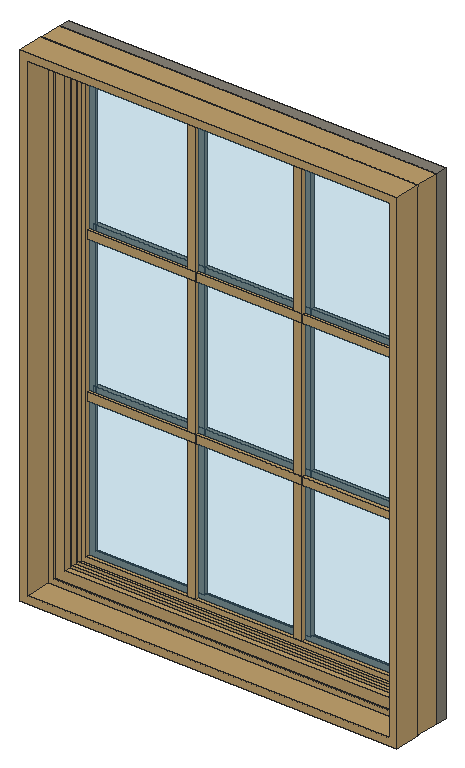
Revit family
Parameters (values of type "CCNTPRYCA3648")
  Window Type = "Clad Contemporary Casement"
  Vent Area = VO Width * VO Height  # 8.42878 SF
  VO Width = if(Width < 1' 8", Width - 0' 9 19/32", Width - 0' 7 7/64")  # 2' - 4 57/64"
  VO Height = Height - 0' 5 29/256"  # 3' - 6 3/256"
  URL = "www.marvin.com"
  Prairie Corner Width = 0' - 4"
  Prairie Corner Height = 0' - 4"
  Plan Swing Angle [instance] = 15.00°
  Offset = if(Bottom Rail Standard, 0' 2 29/32", 0' 4 13/32")  # 0' - 2 29/32"
  Nominal Width = 3' - 0"
  Nominal Height = 4' - 0"
  Muntins Interior Material = Wood-Marvin-Pine
  Muntins Exterior Material = Aluminum-Marvin-Bronze
  Model = "CCNTPRYCA3648"
  Manufacturer = "Marvin Windows and Doors"
  Lites Wide = 3
  Lites Wide Constraint = if(Nominal Width > 1' 4", Lites Wide, if(Lites Wide < 2, 1, 2))  # 3
  Lites High = 3
  Lites High Constraint = if(Nominal Height > 1' 4", Lites High, if(Lites High < 2, 1, 2))  # 3
  Lite Cut Prairie 9 = no
  Lite Cut Prairie 9 Constraint = if(and(Nominal Width > 1' 4", Nominal Height > 1' 4"), Lite Cut Prairie 9, 1 = 0)  # no
  Lite Cut HV Grid = not(Lite Cut Prairie 9 Constraint)  # yes
  Label Visibility = no
  Label Egress = if(and(and(VO Width > 1' 8", VO Height > 2' 0"), Vent Area > 5.70 SF), "EGRESS WDW", "")  # "EGRESS WDW"
  Interior Material = Wood-Marvin-Pine
  Glazing Material = Glass-Marvin-IG Low E II with Argon
  Glass Type = "IG Low E II with Argon"
  Frame = "Aluminum Clad"
  Family created by = "www.rbuiltcomponents.com"
  Elev Swing RH Visibility [instance] = yes
  Elev Swing LH Visibility [instance] = no
  Rough Width = Width + 0' 1"  # 3' - 1"
  Rough Height = Height + 0' 0 1/2"  # 3' - 11 5/8"
  Plan Swing RH Visibility [instance] = yes
  Plan Swing LH Visibility [instance] = no
  Muntins Interior Visibility = yes
  Muntins Exterior Visibility = yes
  Jamb Extension Visibility = yes
  Inset to Installation Flange [instance] = 0' - 1 1/4"
  Height = Nominal Height - 0' 0 7/8"  # 3' - 11 1/8"
  Egress Window = "Yes"
  Design Pressure = "DP50"
  Description = "3648 CSMT"
  Default Head Height = 8' - 0"
  Wall Closure = (empty or 0)
  Width = Nominal Width  # 3' - 0"
  Daylight Area = DLO Width * DLO Height  # 8.66056 SF
  DLO Width = Width - 0' 5 13/16"  # 2' - 6 3/16"
  DLO Height = if(Bottom Rail Standard, Height - 0' 5 13/16", Height - 0' 7 5/16")  # 3' - 5 5/16"
  Cladding Material = Aluminum-Marvin-Bronze
  Bottom Rail Tall = no
  Bottom Rail Standard = not(Bottom Rail Tall)  # yes
  Assembly Code = ""
  Note To User = "All Lite Constraints Apply To Nominal Widths Or Heights < 1 - 6"  # constant formula
Reference planes (in)
  plane 1 "Center (Front/Back)": y = 0
  plane 2: z = 0
  plane 3 "Center (Left/Right)": x = -3
  plane 4 "Left": x = -21
  plane 5 "Right": x = 15
  plane 6 "Sill": z = 48.875
  plane 7 "Top": z = 96
  plane 8 "Inset": y = 1.75
  plane 9 "Glazing": y = 2.40625
  plane 10 "Jamb Ext Face": y = -0.4375
  plane 11: z = 72.4375
  plane 12: y = -0.5
Forms (in)
  Extrusion 1, solid, material "Wood-Marvin-Pine" <- "Interior Material", visible <- "Jamb Extension Visibility", detail levels medium+fine
    sketch origin (0, -0.4375, 0) x (1, 0, 0) y (0, 0, 1)
      loop
        line (-21, 96) -> (-21, 48.875) -> (15, 48.875) -> (15, 96) -> (-21, 96)
      loop
        line (-20.3125, 49.5625) -> (14.3125, 49.5625) -> (14.3125, 95.3125) -> (-20.3125, 95.3125) -> (-20.3125, 49.5625)
    from 0.0625 to 2.5625
Lines and regions (in)
  Masking region 1
    outline origin (-3, 0, 0) x (0, 1, 0) y (0, 0, 1)
      loop
        line (2.8125, 96) -> (-0.4375, 96) -> (-0.4375, 48.875) -> (2.8125, 48.875) -> (2.8125, 96)
  Masking region 2, visible <- "Jamb Extension Visibility"
    outline origin (0, 0, 48.875) x (0, -1, 0) y (1, 0, 0)
      loop
        line (0.5, -21) -> (3, -21) -> (3, 15) -> (0.5, 15) -> (0.5, -21)
  Masking region 3, visible <- "Jamb Extension Visibility"
    outline origin (-3, 0, 0) x (0, 1, 0) y (0, 0, 1)
      loop
        line (-0.5, 96) -> (-3, 96) -> (-3, 48.875) -> (-0.5, 48.875) -> (-0.5, 96)
  Opening 1
    outline origin (-60, -3, 0) x (1, 0, 0) y (0, 0, 1)
      loop
        line (75, 96) -> (39, 96) -> (39, 48.875) -> (75, 48.875) -> (75, 96)
  symbolic lines, style "Jamb Extension", visible <- "Jamb Extension Visibility", detail levels fine
    curve 1: line (-21, -3, 48.875) -> (-20.3125, -3, 48.875)
    curve 2: line (-20.3125, -3, 48.875) -> (-20.3125, -0.5, 48.875)
    curve 3: line (15, -3, 48.875) -> (14.3125, -3, 48.875)
    curve 4: line (14.3125, -3, 48.875) -> (14.3125, -0.5, 48.875)
    curve 5: line (-3, -3, 95.3125) -> (-3, -0.5, 95.3125)
    curve 6: line (-3, -3, 49.5625) -> (-3, -0.5, 49.5625)
  symbolic lines, style "WindowsFrameMullionProjection", detail levels coarse+medium
    curve 7: line (-3, 2.8125, 96) -> (-3, 2.8125, 94.812)
    curve 8: line (-3, 2.8125, 94.812) -> (-3, -0.4375, 94.812)
    curve 9: line (-3, -0.4375, 94.812) -> (-3, -0.4375, 96)
    curve 10: line (-3, 2.78125, 94.812) -> (-3, 2.78125, 93.125)
    curve 11: line (-3, 2.78125, 93.125) -> (-3, 1.15625, 93.125)
    curve 12: line (-3, 1.15625, 50.063) -> (-3, 1.15625, 51.78125)
    curve 13: line (-3, 2.8125, 48.875) -> (-3, 2.8125, 50.063)
    curve 14: line (-3, 2.8125, 50.063) -> (-3, -0.4375, 50.063)
    curve 15: line (-3, -0.4375, 50.063) -> (-3, -0.4375, 48.875)
    curve 16: line (-3, 2.78125, 51.78125) -> (-3, 1.15625, 51.78125)
    curve 18: line (-3, 1.15625, 51.78125) -> (-3, 1.15625, 93.125)
    curve 19: line (-3, 2.78125, 51.78125) -> (-3, 2.78125, 50.063)
    curve 20: line (-3, 1.15625, 93.125) -> (-3, 1.15625, 94.812)
    curve 21: line (-3, 2.78125, 93.125) -> (-3, 2.78125, 51.78125)
  symbolic lines, style "WindowsGlassProjection", detail levels coarse+medium
    curve 17: line (-3, 1.97776, 93.125) -> (-3, 1.97776, 51.78125)
  symbolic lines, style "WindowsFrameMullionProjection"
    curve 22: line (-3, -0.4375, 50.063) -> (-3, -0.4375, 94.812)
  symbolic lines, style "WindowsFrameMullionProjection", visible <- "Jamb Extension Visibility", detail levels coarse+medium
    curve 23: line (-20.3125, -0.5, 48.875) -> (-20.3125, -3, 48.875)
    curve 24: line (-20.3125, -3, 48.875) -> (-21, -3, 48.875)
    curve 25: line (14.3125, -0.5, 48.875) -> (14.3125, -3, 48.875)
    curve 26: line (14.3125, -3, 48.875) -> (15, -3, 48.875)
    curve 29: line (-3, -0.5, 95.3125) -> (-3, -3, 95.3125)
    curve 30: line (-3, -3, 95.3125) -> (-3, -3, 96)
    curve 31: line (-3, -0.5, 49.5625) -> (-3, -3, 49.5625)
    curve 32: line (-3, -3, 49.5625) -> (-3, -3, 48.875)
  symbolic lines, style "Jamb Extension", visible <- "Jamb Extension Visibility"
    curve 27: line (-3, -3, 49.5625) -> (-3, -3, 48.875)
    curve 28: line (-3, -3, 95.3125) -> (-3, -3, 96)
Text (in)
  text "EXTERIOR" at (-58.6888, 50.90694, 0), in view "Ref. Level"
  text "INTERIOR" at (-58.6888, -37.76638, 0), in view "Ref. Level"
  text "Exterior" at (0, 43.65631, 123.19604), in view "Left"
  text "Exterior" at (0, 18.29385, 125.04747), in view "Right"
Dimensions and locks (in)
  equal spacing: plane 4 "Left", plane 3 "Center (Left/Right)", plane 5 "Right"
  "Width": plane 4 "Left" to plane 5 "Right"
  "Height": plane 6 "Sill" to plane 7 "Top"
  "Inset to Installation Flange": host wall to plane 8 "Inset"
  locked: plane 8 "Inset" to plane 9 "Glazing" at 0.65625
  locked: plane 10 "Jamb Ext Face" to plane 8 "Inset" at 2.1875
  equal spacing: plane 6 "Sill", plane 11, plane 7 "Top"
  "Default Head Height": plane 2 to plane 7 "Top"
  locked: nested 2 to host wall at 12.00106
  locked: plane 12 to plane 10 "Jamb Ext Face" at 0.0625
  locked: plane 6 "Sill" to Extrusion 1 sketch curve at 0.6875
  locked: plane 5 "Right" to Extrusion 1 sketch curve at 0.6875
  locked: plane 7 "Top" to Extrusion 1 sketch curve at 0.6875
  locked: plane 4 "Left" to Extrusion 1 sketch curve at 0.6875
  aligned and locked: nested 1 to plane 3 "Center (Left/Right)"
  aligned and locked: plane 8 "Inset" to nested 1
  aligned and locked: host wall to curve 1
  aligned and locked: curve 3 to host wall
  aligned and locked: plane 7 "Top" to Masking region 1 sketch curve
  aligned and locked: Masking region 1 sketch curve to plane 6 "Sill"
  aligned and locked: plane 3 "Center (Left/Right)" to nested 2
  aligned and locked: plane 4 "Left" to curve 24
  aligned and locked: curve 24 to host wall
  aligned and locked: plane 5 "Right" to curve 26
  aligned and locked: host wall to curve 26
  aligned and locked: curve 15 to plane 10 "Jamb Ext Face"
  aligned and locked: curve 14 to curve 22
  aligned and locked: plane 6 "Sill" to curve 27
  aligned and locked: curve 27 to host wall
  aligned and locked: plane 10 "Jamb Ext Face" to curve 9
  aligned and locked: plane 7 "Top" to curve 28
  aligned and locked: plane 7 "Top" to curve 30
  aligned and locked: host wall to curve 30
  aligned and locked: plane 6 "Sill" to curve 32
  aligned and locked: plane 12 to curve 2
  aligned and locked: plane 12 to curve 23
  aligned and locked: plane 12 to curve 4
  aligned and locked: plane 12 to curve 25
  aligned and locked: plane 12 to curve 5
  aligned and locked: plane 12 to curve 29
  aligned and locked: plane 12 to curve 6
  aligned and locked: plane 12 to curve 31
  aligned and locked: plane 12 to Masking region 2 sketch curve
  aligned and locked: Masking region 2 sketch curve to host wall
  aligned and locked: Masking region 2 sketch curve to plane 4 "Left"
  aligned and locked: plane 5 "Right" to Masking region 2 sketch curve
  aligned and locked: plane 12 to Masking region 3 sketch curve
  aligned and locked: Masking region 3 sketch curve to host wall
  aligned and locked: plane 7 "Top" to Masking region 3 sketch curve
  aligned and locked: Masking region 3 sketch curve to plane 6 "Sill"
  aligned and locked: Masking region 1 sketch curve to plane 10 "Jamb Ext Face"
  aligned and locked: plane 3 "Center (Left/Right)" to nested 3
  aligned and locked: plane 8 "Inset" to nested 3
  aligned and locked: nested 3 to plane 7 "Top"
  aligned and locked: plane 7 "Top" to Opening 1 sketch curve
  aligned and locked: plane 5 "Right" to Opening 1 sketch curve
  aligned and locked: Opening 1 sketch curve to plane 6 "Sill"
  aligned and locked: Opening 1 sketch curve to plane 4 "Left"
  aligned and locked: Extrusion 1 sketch curve to plane 6 "Sill"
  aligned and locked: plane 7 "Top" to Extrusion 1 sketch curve
  aligned and locked: plane 5 "Right" to Extrusion 1 sketch curve
  aligned and locked: Extrusion 1 sketch curve to plane 4 "Left"
  aligned and locked: Extrusion 1 to plane 12
  aligned and locked: host wall to Extrusion 1
  aligned and locked: nested 4 to plane 8 "Inset"
  aligned and locked: plane 7 "Top" to nested 4
  aligned and locked: curve 7 to nested 4
  aligned and locked: curve 10 to nested 4
  aligned and locked: curve 8 to nested 4
  aligned and locked: curve 11 to nested 4
  aligned and locked: curve 20 to nested 4
  aligned and locked: curve 13 to nested 4
  aligned and locked: curve 19 to nested 4
  aligned and locked: curve 16 to nested 4
  aligned and locked: nested 4 to curve 12
  aligned and locked: curve 14 to nested 4
  aligned and locked: Masking region 1 sketch curve to nested 4
Automatic sketch dimensions
  curve 1 to plane 4 "Left" = 0' - 0"
  curve 3 to plane 5 "Right" = 0' - 0"
  curve 2 to plane 4 "Left" = 0' - 0 11/16"
  plane 5 "Right" to curve 4 = 0' - 0 11/16"
  plane 7 "Top" to curve 7 = 0' - 0"
  plane 6 "Sill" to curve 13 = 0' - 0"
  plane 6 "Sill" to curve 15 = 0' - 0"
  plane 7 "Top" to curve 9 = 0' - 0"
  curve 17 to plane 8 "Inset" = 0' - 0.22776"
  curve 6 to curve 15 = 0' - 0.5005"
  plane 7 "Top" to curve 5 = 0' - 0 11/16"
Nested families (in)
  nested 1: "Casement_Plan_Detail" at (-3, 1.75, 48.875) x (-1, 0, 0) z (0, 0, -1), type "Casement_Plan_Detail"
    with Width 3' - 0", Plan Swing RH yes, Plan Swing Length 2' - 9 5/8", Plan Swing LH no, Casing no
  nested 2: "Label Annotation 1-16 w" at (-3, 15.00106, 0), visible <- "Label Visibility", type "Label Annotation 1-16 w"
  nested 3: "Casement-Marvin-Clad_Contemporary" at (-3, 1.75, 0), Elevation Swing RH <- "Elev Swing RH Visibility", Elevation Swing LH <- "Elev Swing LH Visibility", type "CCNTPRYCA"
    with Elevation Swing RH yes, Elevation Swing LH no, Unit Width 3' - 0", DLO Width 2' - 6 3/16"
  nested 4: "Casement_Section_Detail" at (-3, 1.75, 48.875) x (0, -1, 0) z (1, 0, 0), type "Casement_Section_Detail", detail levels fine
    with Offset 0' - 2 29/32"
Definition of nested family "Casement-Marvin-Clad_Contemporary"
  Parameters (values of type "CCNTPRYCA")
    Width = 0' - 0"
    Unit Width = 2' - 8"
    Prairie Corner Width = 0' - 4"
    Prairie Corner Height = 0' - 4"
    Offset = if(Bottom Rail Standard, 0' 1", 0' 0 27/32")  # 0' - 1"
    Muntins Interior Material = Wood-Marvin-Pine
    Muntins Interior = yes
    Muntins Exterior Material = Aluminum-Marvin-Bronze
    Muntins Exterior = yes
    Lites Wide = 3
    Lites High = 3
    Lite Cut Prairie 9 = no
    Lite Cut HV Grid = yes
    Interior Material = Wood-Marvin-Pine
    Height = 3' - 11 1/8"
    Glazing Material = Glass-Marvin-IG Low E II with Argon
    G Thickness2 = -0' - 0 1/8"  # constant formula
    G Thickness = 0' - 0 1/8"  # constant formula
    Elevation Swing RH [instance] = yes
    Elevation Swing LH [instance] = no
    DLO Width = 2' - 2 3/16"
    DLO Height = 3' - 5 5/16"
    Cladding Material = Aluminum-Marvin-Bronze
    Bottom Rail Standard = yes
    Bottom Rail Tall = no
    Bottom Rail = if(Bottom Rail Standard, 0' 2 29/32", 0' 4 13/32")  # 0' - 2 29/32"
    Assembly Code = ""
  Reference planes (in)
    plane 1 "Center (Front/Back)": y = 0
    plane 2: z = 0
    plane 3 "Center (Left/Right)": x = 0
    plane 4: x = 16
    plane 5: x = -16
    plane 6 "Glazing": y = 0.65625
    plane 7: y = -2.1875
    plane 8: z = 96
    plane 9 "Sill": z = 48.875
    plane 10: z = 72.4375
    plane 11: x = 13.09375
    plane 12: x = -13.09375
    plane 13: z = 93.09375
    plane 14: z = 51.78125
    plane 15 "Glazing2": y = -0.125
  Forms (in)
    Sweep 1, solid, material "Aluminum-Marvin-Bronze" <- "Cladding Material"
      path origin (0, 0, 0) x (1, 0, 0) y (0, 0, 1)
        loop
          line (-16, 48.875) -> (16, 48.875) -> (16, 96) -> (-16, 96) -> (-16, 48.875)
      profile "Profile_Ext_Clad_Frame : Profile_Ext_Clad_Frame" origin (0, 0, 48.875) x (0, 0, 1) y (0, -1, 0)
        loop
          line (0, -1.0625) -> (0.625, -1.0625) -> (0.625, 0) -> (0, 0) -> (0, -1.0625)
    Sweep 2, solid, material "Wood-Marvin-Pine" <- "Interior Material"
      path origin (0, 0, 0) x (1, 0, 0) y (0, 0, 1)
        loop
          line (16, 48.875) -> (16, 96) -> (-16, 96) -> (-16, 48.875) -> (16, 48.875)
      profile "Profile_Int_Frame : Profile_Int_Frame" origin (0, 0, 48.875) x (0, 0, -1) y (0, -1, 0)
        loop
          line (0, 2.1875) -> (-1.188, 2.1875) -> (-1.188, 2.09375) -> (-2.1255, 2.09375) -> (-2.1255, 1.43702) -> (-2.313, 1.43702) -> (-2.313, 0.96849) -> (-2.5, 0.96849) -> (-2.5, 0.59375) -> (-0.625, 0.59375) -> (-0.625, 0) -> (0, 0) -> (0, 2.1875)
    Extrusion 3, solid, material "Glass-Marvin-IG Low E II with Argon" <- "Glazing Material"
      sketch origin (0, 0.65625, 0) x (1, 0, 0) y (0, 0, 1)
        loop
          line (13.75, 93.75) -> (-13.75, 93.75) -> (-13.75, 51.125) -> (13.75, 51.125) -> (13.75, 93.75)
      from 0 to 0.125 <- "G Thickness"
    Sweep 4, solid, material "Aluminum-Marvin-Bronze" <- "Cladding Material"
      path origin (0, 0.65625, 0) x (1, 0, 0) y (0, 0, 1)
        loop
          line (13.09375, 51.78125) -> (13.09375, 93.09375) -> (-13.09375, 93.09375) -> (-13.09375, 51.78125) -> (13.09375, 51.78125)
      profile "Profile_Ext_Clad_Sash : Profile_Ext_Clad_Sash" origin (0, 0.65625, 51.78125) x (0, 0, -1) y (0, -1, 0)
        loop
          line (2.0625, -0.375) -> (2.0625, 0) -> (0, 0) -> (0, -0.07739) -> (0.15625, -0.23364) -> (0.15625, -0.375) -> (2.0625, -0.375)
    Sweep 5, solid, material "Wood-Marvin-Pine" <- "Interior Material"
      path origin (0, 0.65625, 0) x (1, 0, 0) y (0, 0, 1)
        loop
          line (13.09375, 51.78125) -> (13.09375, 93.09375) -> (-13.09375, 93.09375) -> (-13.09375, 51.78125) -> (13.09375, 51.78125)
      profile "Profile_Int_Sash : Profile_Int_Sash" origin (0, 0.65625, 51.78125) x (0, 0, -1) y (0, -1, 0)
        loop
          line (1.78125, 0) -> (1.78125, 1.25) -> (0, 1.25) -> (0, 0.78125) -> (0.65625, 0.78125) -> (0.65625, 0) -> (1.78125, 0)
    Extrusion 6, solid, material "Glass-Marvin-IG Low E II with Argon" <- "Glazing Material"
      sketch origin (0, -0.125, 0) x (1, 0, 0) y (0, 0, 1)
        loop
          line (13.75, 93.75) -> (-13.75, 93.75) -> (-13.75, 51.125) -> (13.75, 51.125) -> (13.75, 93.75)
      from -0.125 <- "G Thickness2" to 0
    Sweep 7, solid, material "Aluminum-Marvin-Bronze" <- "Cladding Material"
      path in 3D
        loop
          line (15.15625, 1.03125, 49.71875) -> (-15.15625, 1.03125, 49.71875)
      profile origin (0, 1.03125, 49.71875) x (0, 1, 0) y (0, 0, -1)
        loop
          line (0, 0) -> (-0.375, 0) -> (-0.375, -0.15625) -> (0, -0.15625) -> (0, 0)
    Sweep 8, solid, material "Wood-Marvin-Pine" <- "Interior Material"
      path in 3D
        loop
          line (14.875, -0.59375, 50) -> (-14.875, -0.59375, 50)
      profile origin (0, -0.59375, 50) x (0, 1, 0) y (0, 0, -1)
        loop
          line (0, 0) -> (1.25, 0) -> (1.25, 0.125) -> (0, 0.125) -> (0, 0)
  Cuts and joins
    joined: Sweep 4, Sweep 7
    joined: Sweep 5, Sweep 8
  Lines and regions (in)
    Masking region 1
      outline origin (0, 0, 48.875) x (1, 0, 0) y (0, 1, 0)
        loop
          line (-16, 1.0625) -> (-16, -2.1875) -> (16, -2.1875) -> (16, 1.0625) -> (-16, 1.0625)
    symbolic lines, style "Elevation Swing", visible <- "Elevation Swing RH"
      curve 1: line (15.37685, 0, 49.49815) -> (-15.37685, 0, 72.4375)
      curve 2: line (15.37685, 0, 95.37685) -> (-15.37685, 0, 72.4375)
    symbolic lines, style "Elevation Swing", visible <- "Elevation Swing LH"
      curve 3: line (-15.37685, 0, 49.49815) -> (15.37685, 0, 72.4375)
      curve 4: line (-15.37685, 0, 95.37685) -> (15.37685, 0, 72.4375)
    symbolic lines, style "WindowsFrameMullionProjection", detail levels coarse+medium
      curve 5: line (-14.875, -2.18699, 48.875) -> (-16, -2.18699, 48.875)
      curve 6: line (-14.875, 1.0625, 48.875) -> (-14.875, -2.18699, 48.875)
      curve 7: line (-16, 1.0625, 48.875) -> (-14.875, 1.0625, 48.875)
      curve 8: line (-16, -2.18699, 48.875) -> (-16, 1.0625, 48.875)
      curve 9: line (14.875, -2.18699, 48.875) -> (16, -2.18699, 48.875)
      curve 10: line (14.875, 1.0625, 48.875) -> (14.875, -2.18699, 48.875)
      curve 11: line (16, 1.0625, 48.875) -> (14.875, 1.0625, 48.875)
      curve 12: line (16, -2.18699, 48.875) -> (16, 1.0625, 48.875)
      curve 13: line (-14.875, 1.03125, 48.875) -> (-13.09375, 1.03125, 48.875)
      curve 14: line (-13.09375, -0.59375, 48.875) -> (-14.875, -0.59375, 48.875)
      curve 15: line (-13.09375, 1.03125, 48.875) -> (-13.09375, -0.59375, 48.875)
      curve 16: line (14.875, 1.03125, 48.875) -> (13.09375, 1.03125, 48.875)
      curve 17: line (13.09375, -0.59375, 48.875) -> (14.875, -0.59375, 48.875)
      curve 18: line (13.09375, 1.03125, 48.875) -> (13.09375, -0.59375, 48.875)
      curve 20: line (-13.09375, 1.03125, 48.875) -> (13.09375, 1.03125, 48.875)
      curve 21: line (-13.09375, -0.59375, 48.875) -> (13.09375, -0.59375, 48.875)
    symbolic lines, style "WindowsGlassProjection", detail levels coarse+medium
      curve 19: line (-13.09375, 0.22976, 48.875) -> (13.09375, 0.22976, 48.875)
    sketch lines
      curve 22: line (15.15625, 1.03125, 49.71875) -> (-15.15625, 1.03125, 49.71875)
      curve 23: line (14.875, -0.59375, 50) -> (-14.875, -0.59375, 50)
  Dimensions and locks (in)
    equal spacing: plane 5, plane 3 "Center (Left/Right)", plane 4
    "Unit Width": plane 5 to plane 4
    locked: plane 1 "Center (Front/Back)" to plane 6 "Glazing" at 0.65625
    locked: plane 7 to plane 1 "Center (Front/Back)" at 2.1875
    plane 2 to plane 8 = 8' - 0"
    "Height": plane 9 "Sill" to plane 8
    equal spacing: plane 9 "Sill", plane 10, plane 8
    locked: plane 13 to Extrusion 3 sketch curve at 0.65625
    locked: Extrusion 3 sketch curve to plane 14 at 0.65625
    locked: plane 12 to Extrusion 3 sketch curve at 0.65625
    locked: Extrusion 3 sketch curve to plane 11 at 0.65625
    locked: plane 13 to plane 8 at 2.90625
    "Bottom Rail": plane 9 "Sill" to plane 14
    locked: plane 5 to plane 12 at 2.90625
    locked: plane 11 to plane 4 at 2.90625
    locked: plane 15 "Glazing2" to plane 6 "Glazing" at 0.78125
    locked: Extrusion 6 sketch curve to plane 11 at 0.65625
    locked: plane 12 to Extrusion 6 sketch curve at 0.65625
    locked: plane 13 to Extrusion 6 sketch curve at 0.65625
    locked: Extrusion 6 sketch curve to plane 14 at 0.65625
    "Offset": Sweep 7 sketch curve to plane 9 "Sill"
    "Offset": plane 9 "Sill" to Sweep 8 sketch curve
    aligned and locked: Sweep 1 sketch curve to plane 4
    aligned and locked: plane 9 "Sill" to Sweep 1 sketch curve
    aligned and locked: plane 5 to Sweep 1 sketch curve
    aligned and locked: Sweep 1 sketch curve to plane 8
    aligned and locked: plane 9 "Sill" to Sweep 2 sketch curve
    aligned and locked: Sweep 2 sketch curve to plane 8
    aligned and locked: Sweep 2 sketch curve to plane 4
    aligned and locked: plane 5 to Sweep 2 sketch curve
    aligned and locked: Extrusion 3 to plane 6 "Glazing"
    aligned: Extrusion 3 to Sweep 2
    aligned and locked: plane 5 to Masking region 1 sketch curve
    aligned and locked: Masking region 1 sketch curve to plane 4
    aligned and locked: Masking region 1 sketch curve to plane 7
    aligned and locked: plane 6 "Glazing" to nested 2
    aligned: nested 1 to Sweep 2
    aligned and locked: nested 2 to plane 3 "Center (Left/Right)"
    aligned and locked: plane 3 "Center (Left/Right)" to nested 1
    aligned and locked: plane 11 to Sweep 4 sketch curve
    aligned and locked: Sweep 4 sketch curve to plane 12
    aligned and locked: Sweep 4 sketch curve to plane 14
    aligned and locked: plane 13 to Sweep 4 sketch curve
    aligned and locked: Sweep 5 sketch curve to plane 14
    aligned and locked: Sweep 5 sketch curve to plane 12
    aligned and locked: plane 13 to Sweep 5 sketch curve
    aligned and locked: plane 11 to Sweep 5 sketch curve
    aligned and locked: plane 15 "Glazing2" to nested 1
    aligned and locked: Masking region 1 sketch curve to Sweep 1
    aligned and locked: curve 7 to Sweep 1
    aligned and locked: curve 11 to Sweep 1
    aligned and locked: Sweep 4 to curve 16
    aligned and locked: curve 13 to Sweep 4
    aligned and locked: curve 15 to plane 12
    aligned and locked: curve 18 to plane 11
    aligned and locked: Sweep 5 to curve 17
    aligned and locked: curve 14 to Sweep 5
    aligned and locked: curve 6 to Sweep 5
    aligned and locked: curve 10 to Sweep 5
    aligned and locked: Sweep 7 sketch curve to Sweep 4  (x2)
    aligned and locked: Sweep 7 sketch curve to plane 6 "Glazing"
    aligned and locked: Sweep 8 sketch curve to Sweep 5  (x2)
    aligned and locked: Sweep 8 sketch curve to cut or joined group of Sweep 4, Sweep 7
    aligned and locked: nested 2 to plane 13
    aligned and locked: plane 13 to nested 1
  Automatic sketch dimensions
    curve 1 to plane 10 = 0' - 0"
    curve 3 to plane 10 = 0' - 0"
    plane 5 to curve 1 = 0' - 0.62315"
    plane 5 to curve 3 = 0' - 0.62315"
    plane 5 to curve 4 = 0' - 0.62315"
    curve 3 to plane 4 = 0' - 0.62315"
    curve 2 to plane 4 = 0' - 0.62315"
    curve 1 to plane 4 = 0' - 0.62315"
    plane 9 "Sill" to curve 1 = 0' - 0.62315"
    plane 9 "Sill" to curve 3 = 0' - 0.62315"
    curve 4 to plane 8 = 0' - 0.62315"
    curve 2 to plane 8 = 0' - 0.62315"
    curve 5 to plane 5 = 0' - 0"
    curve 11 to plane 4 = 0' - 0"
    curve 12 to plane 7 = 0' - 0.00051"
    curve 8 to plane 7 = 0' - 0.00051"
    curve 19 to plane 1 "Center (Front/Back)" = 0' - 0.22976"
  Nested families (in)
    nested 1: "Muntins" at (0, -0.125, 15.84375), Muntin Material <- "Muntins Interior Material", visible <- "Muntins Interior", type "Muntins"
      with MuntinDepth 0' - 0 5/16", Muntin Material Wood-Marvin-Pine, Muntin Extension 0' - 0 5/16", GlazingWidth 2' - 2 3/16", GlazingHeight 3' - 5 5/16", Width 2' - 2 1/2", Height 3' - 5 5/8", Inset Vert 0' - 8.45833", Inset Horiz 1' - 1 1/2"
    nested 2: "Muntins" at (0, 0.65625, 15.84375), Muntin Material <- "Muntins Exterior Material", visible <- "Muntins Exterior", type "Muntins"
      with MuntinDepth 0' - 0 5/16", Muntin Material Aluminum-Marvin-Bronze, Muntin Extension 0' - 0 5/16", GlazingWidth 2' - 2 3/16", GlazingHeight 3' - 5 5/16", Width 2' - 2 1/2", Height 3' - 5 5/8", Inset Vert 0' - 8.45833", Inset Horiz 1' - 1 1/2"
  Definition of nested family "Muntins"
    Parameters (values of type "Muntins")
      PrairieMuntVisible = no
      Prairie Corner Width = 0' - 4"
      Prairie Corner Height = 0' - 4"
      Muntin Extension = 0' - 0 7/16"
      GridMuntVisible = yes
      GlazingWidth = 2' - 0"
      GlazingHeight = 2' - 11 1/8"
      Width = GlazingWidth + Muntin Extension  # 2' - 0 7/16"
      VerticalMuntins = if(LitesHorizontal < 3, 2, LitesHorizontal - 1)  # 2
      VertMuntVisible = and(GridMuntVisible, LitesHorizontal > 2)  # yes
      MuntinWidth = 0' - 0 3/4"
      MuntinDepth [instance] = 0' - 0 3/8"
      Muntin Material [instance] = none
      LitesVertical = 3
      LitesHorizontal = 3
      HorizontalMuntins = if(LitesVertical < 3, 2, LitesVertical - 1)  # 2
      HorizMuntVisible = and(GridMuntVisible, LitesVertical > 2)  # yes
      Height = GlazingHeight + Muntin Extension  # 2' - 11 9/16"
      Inset Vert = if(LitesHorizontal < 3, (Width / 3) - (MuntinWidth / 2), (Width / LitesHorizontal) - (MuntinWidth / 2))  # 0' - 7.77083"
      Inset Horiz = if(LitesVertical < 3, (Height / 3) - (MuntinWidth / 2), (Height / LitesVertical) - (MuntinWidth / 2))  # 0' - 11.47917"
      CenterMuntinVertical = and(GridMuntVisible, LitesHorizontal = 2)  # no
      CenterMuntinHorizontal = and(GridMuntVisible, LitesVertical = 2)  # no
      Assembly Code = ""
    Reference planes (in)
      plane 1 "Center (Front/Back)": y = 0
      plane 2: z = 0
      plane 3 "Center (Left/Right)": x = 0
      plane 4: z = 35.78125
      plane 5: z = 53.5625
      plane 6: z = 71.34375
      plane 7: z = 59.86458
      plane 8: z = 47.26042
      plane 9: z = 71.125
      plane 10: z = 36
      plane 11: x = -12
      plane 12: x = 12
      plane 13: x = -4.44792
      plane 14: x = -12.21875
      plane 15: x = 12.21875
      plane 16: x = 4.44792
      plane 17: z = 67.125
      plane 18: z = 40
      plane 19: x = -8
      plane 20: x = 8
    Forms (in)
      Extrusion 1, solid, material <- "Muntin Material", visible <- "CenterMuntinVertical", detail levels medium+fine
        sketch origin (9, 0, 0) x (1, 0, 0) y (0, 0, 1)
          loop
            line (-9.375, 71.34375) -> (-9.375, 35.78125) -> (-8.625, 35.78125) -> (-8.625, 71.34375) -> (-9.375, 71.34375)
        from 0 to 0.375 <- "MuntinDepth"
      Extrusion 2, solid, material <- "Muntin Material", visible <- "CenterMuntinHorizontal", detail levels medium+fine
        sketch origin (-0.0013, 0, 14.6875) x (1, 0, 0) y (0, 0, 1)
          loop
            line (-12.21745, 39.25) -> (-12.21745, 38.5) -> (12.22005, 38.5) -> (12.22005, 39.25) -> (-12.21745, 39.25)
        from 0 to 0.375 <- "MuntinDepth"
      Extrusion 3, solid, material <- "Muntin Material", visible <- "VertMuntVisible", detail levels medium+fine
        sketch origin (4.92708, 0, -2.90625) x (1, 0, 0) y (0, 0, 1)
          loop
            line (-9.375, 74.25) -> (-9.375, 38.6875) -> (-8.625, 38.6875) -> (-8.625, 74.25) -> (-9.375, 74.25)
        from 0 to 0.375 <- "MuntinDepth"
      Extrusion 4, solid, material <- "Muntin Material", visible <- "HorizMuntVisible", detail levels medium+fine
        sketch origin (-3.09635, 0, 14.17708) x (1, 0, 0) y (0, 0, 1)
          loop
            line (-9.1224, 45.6875) -> (-9.1224, 44.9375) -> (15.3151, 44.9375) -> (15.3151, 45.6875) -> (-9.1224, 45.6875)
        from 0 to 0.375 <- "MuntinDepth"
      Extrusion 5, solid, material <- "Muntin Material", visible <- "HorizMuntVisible", detail levels medium+fine
        sketch origin (-3.09635, 0, 2.32292) x (1, 0, 0) y (0, 0, 1)
          loop
            line (-9.1224, 45.6875) -> (-9.1224, 44.9375) -> (15.3151, 44.9375) -> (15.3151, 45.6875) -> (-9.1224, 45.6875)
        from 0 to 0.375 <- "MuntinDepth"
      Extrusion 6, solid, material <- "Muntin Material", visible <- "VertMuntVisible", detail levels medium+fine
        sketch origin (13.07292, 0, -2.90625) x (1, 0, 0) y (0, 0, 1)
          loop
            line (-9.375, 74.25) -> (-9.375, 38.6875) -> (-8.625, 38.6875) -> (-8.625, 74.25) -> (-9.375, 74.25)
        from 0 to 0.375 <- "MuntinDepth"
      Extrusion 7, solid, material <- "Muntin Material", visible <- "PrairieMuntVisible", detail levels medium+fine
        sketch origin (1, 0, 0) x (1, 0, 0) y (0, 0, 1)
          loop
            line (-9, 71.34375) -> (-9, 35.78125) -> (-8.25, 35.78125) -> (-8.25, 71.34375) -> (-9, 71.34375)
        from 0 to 0.375 <- "MuntinDepth"
      Extrusion 8, solid, material <- "Muntin Material", visible <- "PrairieMuntVisible", detail levels medium+fine
        sketch origin (17, 0, 0) x (1, 0, 0) y (0, 0, 1)
          loop
            line (-9.75, 71.34375) -> (-9.75, 35.78125) -> (-9, 35.78125) -> (-9, 71.34375) -> (-9.75, 71.34375)
        from 0 to 0.375 <- "MuntinDepth"
      Extrusion 9, solid, material <- "Muntin Material", visible <- "PrairieMuntVisible", detail levels medium+fine
        sketch origin (-0.0013, 0, 28.25) x (1, 0, 0) y (0, 0, 1)
          loop
            line (-12.21745, 38.875) -> (-12.21745, 38.125) -> (12.22005, 38.125) -> (12.22005, 38.875) -> (-12.21745, 38.875)
        from 0 to 0.375 <- "MuntinDepth"
      Extrusion 10, solid, material <- "Muntin Material", visible <- "PrairieMuntVisible", detail levels medium+fine
        sketch origin (-0.0013, 0, 1.125) x (1, 0, 0) y (0, 0, 1)
          loop
            line (-12.21745, 39.625) -> (-12.21745, 38.875) -> (12.22005, 38.875) -> (12.22005, 39.625) -> (-12.21745, 39.625)
        from 0 to 0.375 <- "MuntinDepth"
    Cuts and joins
      joined: Extrusion 7, Extrusion 8, Extrusion 9, Extrusion 10
    Lines and regions (in)
      model lines, style "Muntins", visible <- "CenterMuntinHorizontal", detail levels coarse
        curve 1: line (-12.21875, 0, 53.5625) -> (12.21875, 0, 53.5625)
      model lines, style "Muntins", visible <- "HorizMuntVisible", detail levels coarse
        curve 2: line (-12.21875, 0, 59.48958) -> (12.21875, 0, 59.48958)
        curve 3: line (-12.21875, 0, 47.63542) -> (12.21875, 0, 47.63542)
      model lines, style "Muntins", visible <- "CenterMuntinVertical", detail levels coarse
        curve 4: line (0, 0, 71.34375) -> (0, 0, 35.78125)
      model lines, style "Muntins", visible <- "VertMuntVisible", detail levels coarse
        curve 5: line (-4.07292, 0, 71.34375) -> (-4.07292, 0, 35.78125)
        curve 6: line (4.07292, 0, 71.34375) -> (4.07292, 0, 35.78125)
      model lines, style "Muntins", visible <- "PrairieMuntVisible", detail levels coarse
        curve 7: line (-12.21875, 0, 66.75) -> (12.21875, 0, 66.75)
        curve 8: line (-12.21875, 0, 40.375) -> (12.21875, 0, 40.375)
        curve 9: line (-7.625, 0, 35.78125) -> (-7.625, 0, 71.34375)
        curve 10: line (7.625, 0, 35.78125) -> (7.625, 0, 71.34375)
    Dimensions and locks (in)
      "Inset Horiz": plane 6 to plane 7
      "Inset Horiz": plane 8 to plane 4
      equal spacing: plane 6, plane 5, plane 4
      "Height": plane 6 to plane 4
      "GlazingHeight": plane 9 to plane 10
      equal spacing: plane 9, plane 5, plane 10
      "GlazingWidth": plane 12 to plane 11
      equal spacing: plane 12, plane 3 "Center (Left/Right)", plane 11
      "MuntinWidth": Extrusion 1 sketch curve to Extrusion 1 sketch curve
      "Height": Extrusion 1 sketch curve to Extrusion 1 sketch curve
      "MuntinWidth": Extrusion 2 sketch curve to Extrusion 2 sketch curve
      "Width": Extrusion 2 sketch curve to Extrusion 2 sketch curve
      "MuntinWidth": Extrusion 3 sketch curve to Extrusion 3 sketch curve
      "Height": Extrusion 3 sketch curve to Extrusion 3 sketch curve
      "Width": plane 15 to plane 14
      equal spacing: plane 15, plane 3 "Center (Left/Right)", plane 14
      "Inset Vert": plane 13 to plane 14
      "Inset Vert": plane 15 to plane 16
      "MuntinWidth": Extrusion 4 sketch curve to Extrusion 4 sketch curve
      "Width": Extrusion 4 sketch curve to Extrusion 4 sketch curve
      "MuntinWidth": Extrusion 5 sketch curve to Extrusion 5 sketch curve
      "Width": Extrusion 5 sketch curve to Extrusion 5 sketch curve
      group 2 to group 3 = 0' - 0"  (x2)
      group 3 to group 2 = 0' - 11.85417"
      "MuntinWidth": Extrusion 6 sketch curve to Extrusion 6 sketch curve
      "Height": Extrusion 6 sketch curve to Extrusion 6 sketch curve
      group 4 to group 5 = 0' - 8.14583"
      group 4 to group 5 = 0' - 0"  (x2)
      "Prairie Corner Width": plane 19 to plane 11
      "Prairie Corner Width": plane 20 to plane 12
      "Prairie Corner Height": plane 9 to plane 17
      "Prairie Corner Height": plane 18 to plane 10
      "MuntinWidth": Extrusion 7 sketch curve to Extrusion 7 sketch curve
      "Height": Extrusion 7 sketch curve to Extrusion 7 sketch curve
      "MuntinWidth": Extrusion 8 sketch curve to Extrusion 8 sketch curve
      "Height": Extrusion 8 sketch curve to Extrusion 8 sketch curve
      "MuntinWidth": Extrusion 9 sketch curve to Extrusion 9 sketch curve
      "Width": Extrusion 9 sketch curve to Extrusion 9 sketch curve
      "MuntinWidth": Extrusion 10 sketch curve to Extrusion 10 sketch curve
      "Width": Extrusion 10 sketch curve to Extrusion 10 sketch curve
      aligned and locked: plane 6 to Extrusion 1  (x2)
      aligned and locked: Extrusion 1 to plane 4  (x3)
      aligned and locked: Extrusion 3 to plane 13  (x5)
      aligned and locked: Extrusion 3 to plane 4  (x3)
      aligned and locked: Extrusion 2 to plane 14
      aligned and locked: plane 15 to Extrusion 2
      aligned and locked: plane 6 to Extrusion 3
      aligned and locked: plane 7 to Extrusion 4
      aligned and locked: Extrusion 4 to plane 14
      aligned and locked: plane 15 to Extrusion 4
      aligned and locked: curve 1 to plane 5
      aligned and locked: plane 14 to curve 1
      aligned and locked: plane 15 to curve 1
      aligned and locked: Extrusion 5 to plane 14
      aligned and locked: Extrusion 5 to plane 8
      aligned and locked: plane 15 to Extrusion 5
      aligned and locked: Extrusion 5 to curve 3  (x2)
      aligned and locked: Extrusion 4 to curve 2  (x2)
      aligned and locked: curve 4 to plane 3 "Center (Left/Right)"
      aligned and locked: Extrusion 1 to curve 4  (x2)
      aligned and locked: Extrusion 3 to curve 5  (x2)
      aligned and locked: Extrusion 6 to curve 6  (x2)
      aligned and locked: Extrusion 6 to plane 16
      aligned and locked: plane 6 to Extrusion 6
      aligned and locked: plane 6 to curve 6
      aligned and locked: Extrusion 6 to plane 4
      aligned and locked: plane 4 to curve 6
      aligned and locked: cut or joined group of Extrusion 7, Extrusion 8, Extrusion 9, Extrusion 10 to plane 19
      aligned and locked: plane 20 to cut or joined group of Extrusion 7, Extrusion 8, Extrusion 9, Extrusion 10
      aligned and locked: plane 17 to cut or joined group of Extrusion 7, Extrusion 8, Extrusion 9, Extrusion 10
      aligned and locked: cut or joined group of Extrusion 7, Extrusion 8, Extrusion 9, Extrusion 10 to plane 18
      aligned and locked: cut or joined group of Extrusion 7, Extrusion 8, Extrusion 9, Extrusion 10 to curve 7  (x2)
      aligned and locked: cut or joined group of Extrusion 7, Extrusion 8, Extrusion 9, Extrusion 10 to curve 8  (x2)
      aligned and locked: cut or joined group of Extrusion 7, Extrusion 8, Extrusion 9, Extrusion 10 to curve 9  (x2)
      aligned and locked: cut or joined group of Extrusion 7, Extrusion 8, Extrusion 9, Extrusion 10 to curve 10  (x2)
    Automatic sketch dimensions
      Extrusion 1 sketch curve to plane 4 = 0' - 0"
      Extrusion 1 sketch curve to plane 3 "Center (Left/Right)" = 0' - 0 3/8"
      Extrusion 2 sketch curve to plane 14 = 0' - 0"
      Extrusion 2 sketch curve to plane 5 = 0' - 0 3/8"
      Extrusion 7 sketch curve to plane 4 = 0' - 0"
      Extrusion 7 sketch curve to plane 19 = 0' - 0"
      Extrusion 8 sketch curve to plane 4 = 0' - 0"
      Extrusion 8 sketch curve to plane 20 = 0' - 0 3/4"
      Extrusion 9 sketch curve to plane 14 = 0' - 0"
      Extrusion 9 sketch curve to plane 17 = 0' - 0 3/4"
      Extrusion 10 sketch curve to plane 14 = 0' - 0"
      Extrusion 10 sketch curve to plane 18 = 0' - 0"
      plane 19 to curve 9 = 0' - 0 3/8"
      curve 10 to plane 20 = 0' - 0 3/8"
      plane 18 to curve 8 = 0' - 0 3/8"
      curve 7 to plane 17 = 0' - 0 3/8"
Definition of nested family "Casement_Plan_Detail"
  Parameters (values of type "Plan_Detail")
    Width = 2' - 8"
    Swing Angle = 15.00°
    Plan Swing RH = no
    Plan Swing Length = Width - 0' 2 3/8"  # 2' - 5 5/8"
    Plan Swing LH = yes
    Casing = yes
    Assembly Code = ""
  Reference planes (in)
    plane 1 "Center (Front/Back)": y = 0
    plane 2: z = 0
    plane 3 "Center (Left/Right)": x = 0
    plane 4: x = -16
    plane 5: x = 16
    plane 6: x = -14.8125
    plane 7: x = 14.8125
    plane 8: y = 1.03125
  Lines and regions (in)
    detail lines, style "DetailComponentsHiddenLines", in view "Ref. Level", visible <- "Plan Swing RH"
      curve 1: line (14.8125, 1.03125, 0) -> (-13.80305, 8.69876, 0)
      curve 2: arc (-13.80305, 8.69876, 0) -> (-14.55905, 4.89809, 0) -> (-14.8125, 1.03125, 0) r 29.625
    detail lines, style "DetailComponentsHiddenLines", in view "Ref. Level", visible <- "Plan Swing LH"
      curve 3: line (-14.8125, 1.03125, 0) -> (13.80305, 8.69876, 0)
      curve 4: arc (13.80305, 8.69876, 0) -> (14.55905, 4.89809, 0) -> (14.8125, 1.03125, 0) r 29.625
    detail lines, style "DetailComponentsHiddenLines", in view "Ref. Level", detail levels fine
      curve 5: line (-12.90575, -1, 0) -> (12.90575, -1, 0)
    detail lines, style "Cut Lines", in view "Ref. Level", detail levels fine
      curve 6: line (-13.647, 0.64499, 0) -> (13.647, 0.64499, 0)
      curve 7: line (-13.647, 0.51999, 0) -> (13.647, 0.51999, 0)
      curve 8: line (-13.647, 0.01999, 0) -> (13.647, 0.01999, 0)
      curve 9: line (-13.647, -0.10501, 0) -> (13.647, -0.10501, 0)
  Dimensions and locks (in)
    equal spacing: plane 4, plane 3 "Center (Left/Right)", plane 5
    "Width": plane 4 to plane 5
    locked: plane 4 to plane 6 at 1.1875
    locked: plane 7 to plane 5 at 1.1875
    locked: plane 1 "Center (Front/Back)" to plane 8 at 1.03125
    "Plan Swing Length": curve 1 to curve 1
    "Plan Swing Length": curve 3 to curve 3
    "Swing Angle": angle curve 1 to plane 8
    "Swing Angle": angle plane 8 to curve 3
    aligned and locked: plane 1 "Center (Front/Back)" to nested 1
    aligned and locked: nested 1 to plane 4
    aligned and locked: plane 5 to nested 2
    aligned and locked: nested 2 to plane 1 "Center (Front/Back)"
    aligned and locked: curve 6 to nested 1  (x2)
    aligned and locked: nested 1 to curve 7
    aligned and locked: curve 7 to nested 1
    aligned and locked: curve 8 to nested 1  (x2)
    aligned and locked: nested 1 to curve 9
    aligned and locked: curve 9 to nested 1
  Automatic sketch dimensions
    curve 2 to plane 6 = 0' - 0"
    curve 4 to plane 6 = 0' - 0"
    curve 2 to plane 7 = 0' - 0"
    curve 2 to plane 8 = 0' - 0"
    curve 8 to plane 7 = 0' - 1.1655"
    curve 6 to curve 8 = 0' - 0"
    curve 9 to curve 8 = 0' - 0"
    curve 7 to curve 6 = 0' - 0"
    curve 9 to curve 5 = 0' - 0.74125"
    curve 5 to curve 9 = 0' - 0.74125"
    plane 1 "Center (Front/Back)" to curve 5 = 0' - 1"
  Nested families (in)
    nested 1: "Jamb_Detail" at (-16, 0, 0), type "Jamb_Detail", in view "Ref. Level", detail levels fine
    nested 2: "Jamb_Detail" at (16, 0, 0) x (-1, 0, 0) z (0, 0, 1), type "Jamb_Detail", in view "Ref. Level", detail levels fine
  Definition of nested family "Jamb_Detail"
    Parameters (values of type "Jamb_Detail")
      No Casing = not(Casing)  # yes
      Casing = no
      Assembly Code = ""
    Reference planes (in)
      plane 1 "Center (Front/Back)": y = 0
      plane 2: z = 0
      plane 3 "Center (Left/Right)": x = 0
    Lines and regions (in)
      detail lines, style "Cut Lines", in view "Ref. Level"
        curve 1: line (0, 2.1875, 0) -> (1.188, 2.1875, 0)
        curve 2: line (0, -1.0625, 0) -> (0, 2.1875, 0)
        curve 3: line (1.188, 2.1875, 0) -> (1.188, 0.59375, 0)
        curve 4: line (0.625, -1.0625, 0) -> (0, -1.0625, 0)
        curve 5: line (0.625, -1.0625, 0) -> (0.625, 0.59375, 0)
        curve 6: line (1.188, 2.09375, 0) -> (2.1255, 2.09375, 0)
        curve 7: line (2.1255, 2.09375, 0) -> (2.1255, 1.46852, 0)
        curve 8: line (2.313, 1.46852, 0) -> (2.313, 1, 0)
        curve 9: line (2.5005, 1, 0) -> (2.5005, 0.59375, 0)
        curve 10: line (2.1255, 1.46852, 0) -> (2.313, 1.46852, 0)
        curve 11: line (0.8125, -0.625, 0) -> (1.09375, -0.625, 0)
        curve 12: line (0.8125, -1.03125, 0) -> (0.8125, -0.625, 0)
        curve 13: line (2.71875, -1.03125, 0) -> (0.8125, -1.03125, 0)
        curve 14: line (2.71875, -0.88989, 0) -> (2.71875, -1.03125, 0)
        curve 15: line (2.875, -0.73364, 0) -> (2.71875, -0.88989, 0)
        curve 16: line (2.21875, -0.65625, 0) -> (2.875, -0.65625, 0)
        curve 17: line (2.21875, 0.125, 0) -> (2.21875, -0.65625, 0)
        curve 18: line (2.875, 0.125, 0) -> (2.21875, 0.125, 0)
        curve 19: line (2.875, 0.59375, 0) -> (2.875, 0.125, 0)
        curve 20: line (0.625, 0.59375, 0) -> (2.875, 0.59375, 0)
        curve 21: line (2.875, -0.65625, 0) -> (2.875, -0.73364, 0)
        curve 22: line (2.353, -0.01999, 0) -> (2.353, 0.10501, 0)
        curve 23: line (2.46875, -0.51999, 0) -> (2.46875, -0.01999, 0)
        curve 24: line (2.71875, -0.51999, 0) -> (2.71875, -0.01999, 0)
        curve 25: line (2.353, -0.64499, 0) -> (2.353, -0.51999, 0)
        curve 26: line (1.09375, 0.59375, 0) -> (1.09375, -0.625, 0)
        curve 32: line (2.313, 1.375, 0) -> (3.09425, 1.375, 0)
        curve 33: line (3.09425, 1, 0) -> (2.313, 1, 0)
        curve 34: line (3.09425, 1.375, 0) -> (3.09425, 1, 0)
      detail lines, style "Cut Lines", in view "Ref. Level", visible <- "No Casing"
        curve 27: line (-1.5, 0, 0) -> (-0.15, 0, 0)
        curve 28: line (0, -0.04501, 0) -> (-1.5, -0.04501, 0)
        curve 29: line (-1.5, -0.04501, 0) -> (-1.5, 0, 0)
        curve 30: line (-0.15, 0.10999, 0) -> (0, 0.10999, 0)
        curve 31: line (-0.15, 0, 0) -> (-0.15, 0.10999, 0)
Definition of nested family "Label Annotation 1-16 w"
  Parameters
    Label = ""
    Egress Info = ""
    Description = "3040 Csmt"
  Reference planes (in)
    plane 1: y = 0
    plane 2: x = 0
  Text (in)
    label "Description Egress Info" at (0.00375, -0.00345, 0), shows "Description", "Egress Info"
Definition of nested family "Casement_Section_Detail"
  Parameters (values of type "Casement_Section_Detail")
    Offset = 0' - 2 7/8"
    Height = 3' - 11 1/8"
    Assembly Code = ""
  Reference planes (in)
    plane 1 "Center (Front/Back)": y = 0
    plane 2: z = 0
    plane 3 "Center (Left/Right)": x = 0
    plane 4: y = 47.125
  Lines and regions (in)
    detail lines, style "Cut Lines", in view "Ref. Level"
      curve 1: line (-0.64499, 44.772, 0) -> (-0.64499, 2.353, 0)
      curve 2: line (-0.51999, 44.772, 0) -> (-0.51999, 2.353, 0)
      curve 3: line (-0.01999, 44.772, 0) -> (-0.01999, 2.353, 0)
      curve 4: line (0.10501, 44.772, 0) -> (0.10501, 2.353, 0)
    detail lines, style "DetailComponentsHiddenLines", in view "Ref. Level"
      curve 5: line (1, 3.28175, 0) -> (1, 44.03075, 0)
  Dimensions and locks (in)
    "Height": plane 4 to plane 1 "Center (Front/Back)"
    aligned and locked: plane 1 "Center (Front/Back)" to nested 1
    aligned and locked: plane 3 "Center (Left/Right)" to nested 1
    aligned and locked: nested 2 to plane 4
    aligned and locked: plane 3 "Center (Left/Right)" to nested 2
    aligned and locked: nested 1 to curve 1
    aligned and locked: nested 1 to curve 2
    aligned and locked: nested 1 to curve 3
    aligned and locked: nested 1 to curve 4
    aligned and locked: nested 2 to curve 1
    aligned and locked: nested 2 to curve 2
    aligned and locked: nested 2 to curve 3
    aligned and locked: nested 2 to curve 4
    aligned and locked: curve 1 to nested 2
    aligned and locked: curve 2 to nested 2
    aligned and locked: curve 3 to nested 2
    aligned and locked: curve 4 to nested 2
    aligned and locked: nested 2 to curve 5
    aligned and locked: curve 5 to nested 2
    aligned and locked: nested 1 to curve 5
  Nested families (in)
    nested 1: "Sill_Detail" at (0, 0, 0), type "Sill_Detail", in view "Ref. Level"
    nested 2: "Head_Detail" at (0, 47.125, 0), type "Head_Detail", in view "Ref. Level"
  Definition of nested family "Sill_Detail"
    Parameters (values of type "Sill_Detail")
      Offset = 0' - 2 7/8"
      No Casing = not(Casing)  # yes
      Casing = no
      Assembly Code = ""
    Reference planes (in)
      plane 1 "Center (Front/Back)": y = 0
      plane 2: z = 0
      plane 3 "Center (Left/Right)": x = 0
      plane 4: y = 2.875
    Lines and regions (in)
      detail lines, style "Cut Lines", in view "Ref. Level"
        curve 1: line (2.1875, 0, 0) -> (2.1875, 1.188, 0)
        curve 2: line (-1.0625, 0, 0) -> (2.1875, 0, 0)
        curve 3: line (2.1875, 1.188, 0) -> (0.59375, 1.188, 0)
        curve 4: line (-1.0625, 0.625, 0) -> (-1.0625, 0, 0)
        curve 5: line (-1.0625, 0.625, 0) -> (0.59375, 0.625, 0)
        curve 6: line (2.09375, 1.188, 0) -> (2.09375, 2.5005, 0)
        curve 7: line (2.09375, 2.5005, 0) -> (0.59375, 2.5005, 0)
        curve 8: line (-0.625, 0.8125, 0) -> (-0.625, 1.09375, 0)
        curve 9: line (-1.03125, 0.8125, 0) -> (-0.625, 0.8125, 0)
        curve 10: line (-1.03125, 2.71875, 0) -> (-1.03125, 0.8125, 0)
        curve 11: line (-0.88989, 2.71875, 0) -> (-1.03125, 2.71875, 0)
        curve 12: line (-0.73364, 2.875, 0) -> (-0.88989, 2.71875, 0)
        curve 13: line (-0.65625, 2.21875, 0) -> (-0.65625, 2.875, 0)
        curve 14: line (0.125, 2.21875, 0) -> (-0.65625, 2.21875, 0)
        curve 15: line (0.125, 2.875, 0) -> (0.125, 2.21875, 0)
        curve 16: line (0.59375, 2.875, 0) -> (0.125, 2.875, 0)
        curve 17: line (0.59375, 0.625, 0) -> (0.59375, 2.875, 0)
        curve 18: line (-0.65625, 2.875, 0) -> (-0.73364, 2.875, 0)
        curve 19: line (-0.01999, 2.353, 0) -> (0.10501, 2.353, 0)
        curve 20: line (-0.51999, 2.46875, 0) -> (-0.01999, 2.46875, 0)
        curve 21: line (-0.51999, 2.71875, 0) -> (-0.01999, 2.71875, 0)
        curve 22: line (-0.64499, 2.353, 0) -> (-0.51999, 2.353, 0)
        curve 23: line (0.59375, 1.09375, 0) -> (-0.625, 1.09375, 0)
        curve 29: line (1.375, 2.5005, 0) -> (1.375, 3.28175, 0)
        curve 30: line (1, 3.28175, 0) -> (1, 2.5005, 0)
        curve 31: line (1.375, 3.28175, 0) -> (1, 3.28175, 0)
      detail lines, style "Cut Lines", in view "Ref. Level", visible <- "No Casing"
        curve 24: line (0, -1.5, 0) -> (0, -0.15, 0)
        curve 25: line (-0.04501, 0, 0) -> (-0.04501, -1.5, 0)
        curve 26: line (-0.04501, -1.5, 0) -> (0, -1.5, 0)
        curve 27: line (0.10999, -0.15, 0) -> (0.10999, 0, 0)
        curve 28: line (0, -0.15, 0) -> (0.10999, -0.15, 0)
      detail lines, style "Cut Lines", in view "Ref. Level", not visible
        curve 32: line (-0.88989, 2.71875, 0) -> (-1.03125, 2.71875, 0)
        curve 33: line (-0.73364, 2.875, 0) -> (-0.88989, 2.71875, 0)
        curve 34: line (-0.65625, 2.21875, 0) -> (-0.65625, 2.875, 0)
        curve 35: line (0.125, 2.21875, 0) -> (-0.65625, 2.21875, 0)
        curve 36: line (0.125, 2.875, 0) -> (0.125, 2.21875, 0)
        curve 37: line (0.59375, 2.875, 0) -> (0.125, 2.875, 0)
        curve 38: line (-0.65625, 2.875, 0) -> (-0.73364, 2.875, 0)
        curve 39: line (-0.01999, 2.353, 0) -> (0.10501, 2.353, 0)
        curve 40: line (-0.51999, 2.46875, 0) -> (-0.01999, 2.46875, 0)
        curve 41: line (-0.51999, 2.71875, 0) -> (-0.01999, 2.71875, 0)
        curve 42: line (-0.64499, 2.353, 0) -> (-0.51999, 2.353, 0)
    Dimensions and locks (in)
      "Offset": plane 1 "Center (Front/Back)" to plane 4
      plane 1 "Center (Front/Back)" to curve 7 to curve 31 = 0' - 2.5005" locked, 0' - 0 25/32" locked
      aligned and locked: curve 16 to plane 4
    Automatic sketch dimensions
      plane 1 "Center (Front/Back)" to curve 2 = 0' - 0"
      curve 26 to plane 3 "Center (Left/Right)" = 0' - 0"
      plane 4 to curve 17 = 0' - 0"
      curve 26 to plane 3 "Center (Left/Right)" = 0' - 0.04501"
      curve 23 to plane 3 "Center (Left/Right)" = 0' - 0 5/8"
      curve 9 to curve 8 = 0' - 0 13/32"
      curve 5 to curve 10 = 0' - 0 1/32"
      plane 3 "Center (Left/Right)" to curve 27 = 0' - 0.10999"
      plane 3 "Center (Left/Right)" to curve 23 = 0' - 0 19/32"
      curve 7 to curve 30 = 0' - 0 13/32"
      curve 30 to curve 29 = 0' - 0 3/8"
      curve 29 to curve 6 = 0' - 0 23/32"
      curve 6 to curve 1 = 0' - 0 3/32"
      plane 1 "Center (Front/Back)" to curve 28 = 0' - 0.15"
      curve 25 to curve 24 = 0' - 1.35"
      curve 4 to plane 1 "Center (Front/Back)" = 0' - 0 5/8"
      curve 4 to curve 10 = 0' - 0 3/16"
      curve 8 to curve 23 = 0' - 0 9/32"
      curve 23 to curve 3 = 0' - 0.09425"
      plane 4 to curve 10 = 0' - 0 5/32"
  Definition of nested family "Head_Detail"
    Parameters (values of type "Head_Detail")
      No Casing = not(Casing)  # yes
      Casing = no
      Assembly Code = ""
    Reference planes (in)
      plane 1 "Center (Front/Back)": y = 0
      plane 2: z = 0
      plane 3 "Center (Left/Right)": x = 0
    Lines and regions (in)
      detail lines, style "Cut Lines", in view "Ref. Level"
        curve 1: line (2.1875, 0, 0) -> (2.1875, -1.188, 0)
        curve 2: line (-1.0625, 0, 0) -> (2.1875, 0, 0)
        curve 3: line (2.1875, -1.188, 0) -> (0.59375, -1.188, 0)
        curve 4: line (-1.0625, -0.625, 0) -> (-1.0625, 0, 0)
        curve 5: line (-1.0625, -0.625, 0) -> (0.59375, -0.625, 0)
        curve 6: line (2.09375, -1.188, 0) -> (2.09375, -2.1255, 0)
        curve 7: line (2.09375, -2.1255, 0) -> (1.46852, -2.1255, 0)
        curve 8: line (1.46852, -2.313, 0) -> (1, -2.313, 0)
        curve 9: line (1, -2.5005, 0) -> (0.59375, -2.5005, 0)
        curve 10: line (1.46852, -2.1255, 0) -> (1.46852, -2.313, 0)
        curve 11: line (-0.625, -0.8125, 0) -> (-0.625, -1.09375, 0)
        curve 12: line (-1.03125, -0.8125, 0) -> (-0.625, -0.8125, 0)
        curve 13: line (-1.03125, -2.71875, 0) -> (-1.03125, -0.8125, 0)
        curve 14: line (-0.88989, -2.71875, 0) -> (-1.03125, -2.71875, 0)
        curve 15: line (-0.73364, -2.875, 0) -> (-0.88989, -2.71875, 0)
        curve 16: line (-0.65625, -2.21875, 0) -> (-0.65625, -2.875, 0)
        curve 17: line (0.125, -2.21875, 0) -> (-0.65625, -2.21875, 0)
        curve 18: line (0.125, -2.875, 0) -> (0.125, -2.21875, 0)
        curve 19: line (0.59375, -2.875, 0) -> (0.125, -2.875, 0)
        curve 20: line (0.59375, -0.625, 0) -> (0.59375, -2.875, 0)
        curve 21: line (-0.65625, -2.875, 0) -> (-0.73364, -2.875, 0)
        curve 22: line (-0.01999, -2.353, 0) -> (0.10501, -2.353, 0)
        curve 23: line (-0.51999, -2.46875, 0) -> (-0.01999, -2.46875, 0)
        curve 24: line (-0.51999, -2.71875, 0) -> (-0.01999, -2.71875, 0)
        curve 25: line (-0.64499, -2.353, 0) -> (-0.51999, -2.353, 0)
        curve 26: line (0.59375, -1.09375, 0) -> (-0.625, -1.09375, 0)
        curve 32: line (1.375, -2.313, 0) -> (1.375, -3.09425, 0)
        curve 33: line (1, -3.09425, 0) -> (1, -2.313, 0)
        curve 34: line (1.375, -3.09425, 0) -> (1, -3.09425, 0)
      detail lines, style "Cut Lines", in view "Ref. Level", visible <- "No Casing"
        curve 27: line (0, 1.5, 0) -> (0, 0.15, 0)
        curve 28: line (-0.04501, 0, 0) -> (-0.04501, 1.5, 0)
        curve 29: line (-0.04501, 1.5, 0) -> (0, 1.5, 0)
        curve 30: line (0.10999, 0.15, 0) -> (0.10999, 0, 0)
        curve 31: line (0, 0.15, 0) -> (0.10999, 0.15, 0)
